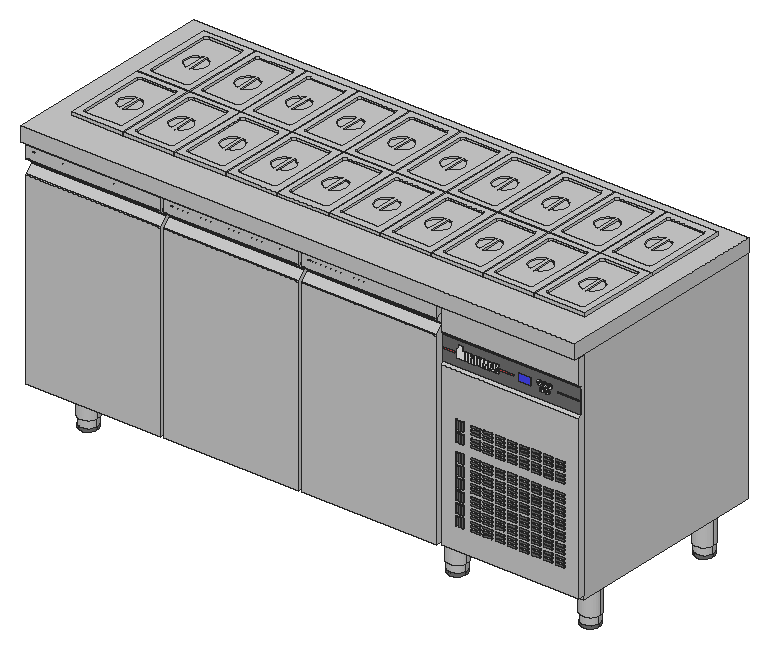
Revit family "QF_INOMAK_ZNFP999_250529012511", category Specialty Equipment, Revit 2021 (continued)
Definition of nested family "QF_INOMAK_REF_WORKTOPS_WOVF_1810_7123"
  Automatic sketch dimensions
    Extrusion 37 sketch curve to Extrusion 37 sketch curve = 20 mm  (x2)
    Extrusion 37 sketch curve to Extrusion 37 sketch curve = 10 mm  (x3)
    Extrusion 37 sketch curve to Extrusion 37 sketch curve = 208 mm
    Extrusion 37 sketch curve to Extrusion 37 sketch curve = 0 mm
    Extrusion 37 sketch curve to Extrusion 37 sketch curve = 30 mm  (x2)
    plane 3 "Left" to Extrusion 37 sketch curve = 896 mm
    Extrusion 37 sketch curve to Extrusion 37 sketch curve = 106 mm
    Extrusion 38 sketch curve to Extrusion 38 sketch curve = 0 mm  (x3)
    plane 1 "Back" to Extrusion 38 sketch curve = 288 mm
    Extrusion 38 sketch curve to Extrusion 38 sketch curve = 10 mm  (x4)
    Extrusion 38 sketch curve to Extrusion 38 sketch curve = 68.359 mm
    Extrusion 38 sketch curve to Extrusion 38 sketch curve = 34.641 mm
    plane 1 "Back" to Extrusion 38 sketch curve = 70 mm  (x2)
    plane 4 "Right" to Extrusion 38 sketch curve = 750 mm
    Extrusion 38 sketch curve to Extrusion 38 sketch curve = 48 mm  (x2)
    Extrusion 38 sketch curve to Extrusion 38 sketch curve = 5 mm
    plane 1 "Back" to Extrusion 39 sketch curve = 308 mm
    Extrusion 39 sketch curve to Extrusion 39 sketch curve = 20 mm  (x3)
    Extrusion 39 sketch curve to Extrusion 39 sketch curve = 10 mm  (x3)
    plane 1 "Back" to Extrusion 39 sketch curve = 70 mm  (x2)
    plane 4 "Right" to Extrusion 39 sketch curve = 730 mm
    Extrusion 39 sketch curve to Extrusion 39 sketch curve = 106 mm
    Extrusion 39 sketch curve to Extrusion 39 sketch curve = 30 mm
    Extrusion 40 sketch curve to Extrusion 40 sketch curve = 0 mm  (x5)
    Extrusion 40 sketch curve to Extrusion 40 sketch curve = 10 mm  (x4)
    Extrusion 40 sketch curve to Extrusion 40 sketch curve = 68.359 mm
    Extrusion 40 sketch curve to Extrusion 40 sketch curve = 34.641 mm
    Extrusion 40 sketch curve to Extrusion 40 sketch curve = 70.359 mm  (x2)
    plane 4 "Right" to Extrusion 40 sketch curve = 750 mm
    Extrusion 40 sketch curve to Extrusion 40 sketch curve = 5 mm
    Extrusion 40 sketch curve to Extrusion 40 sketch curve = 48 mm  (x2)
    Extrusion 41 sketch curve to Extrusion 41 sketch curve = 20 mm  (x2)
    Extrusion 41 sketch curve to Extrusion 41 sketch curve = 10 mm  (x3)
    Extrusion 41 sketch curve to Extrusion 41 sketch curve = 208 mm
    Extrusion 41 sketch curve to Extrusion 41 sketch curve = 0 mm
    Extrusion 41 sketch curve to Extrusion 41 sketch curve = 30 mm  (x2)
    plane 4 "Right" to Extrusion 41 sketch curve = 730 mm
    Extrusion 41 sketch curve to Extrusion 41 sketch curve = 106 mm
    Masking region 1 sketch curve to plane 3 "Left" = 0 mm
    Masking region 1 sketch curve to plane 5 "Front" = 0 mm
    plane 1 "Back" to Masking region 1 sketch curve = 0 mm
    Masking region 1 sketch curve to plane 4 "Right" = 0 mm
    curve 3 to curve 4 = 268 mm
    Extrusion 1 sketch curve to plane 1 "Back" = 0 mm
    plane 4 "Right" to curve 1 = 75 mm
    plane 1 "Back" to curve 2 = 40 mm
    plane 4 "Right" to curve 4 = 75 mm
    curve 31 to curve 34 = 0 mm  (x2)
    curve 43 to curve 46 = 0 mm  (x2)
    curve 55 to curve 58 = 0 mm  (x2)
    curve 67 to curve 70 = 0 mm  (x2)
    curve 79 to curve 82 = 0 mm  (x2)
    curve 91 to curve 94 = 0 mm  (x2)
    curve 103 to curve 106 = 0 mm  (x2)
    curve 115 to curve 118 = 0 mm  (x2)
    curve 127 to curve 130 = 0 mm  (x2)
    curve 139 to curve 142 = 0 mm  (x2)
    curve 151 to curve 154 = 0 mm  (x3)
    curve 163 to curve 166 = 0 mm  (x3)
    curve 175 to curve 178 = 0 mm  (x2)
    curve 187 to curve 190 = 0 mm  (x3)
    curve 199 to curve 202 = 0 mm  (x3)
    curve 211 to curve 214 = 0 mm  (x3)
    curve 223 to curve 226 = 0 mm  (x3)
    curve 235 to curve 238 = 0 mm  (x3)
    curve 247 to curve 250 = 0 mm  (x3)
    curve 259 to curve 262 = 0 mm  (x3)
    curve 7 to plane 3 "Left" = 0 mm
    curve 7 to plane 5 "Front" = 0 mm
    plane 1 "Back" to curve 6 = 0 mm
    curve 5 to plane 4 "Right" = 0 mm
    curve 21 to curve 231 = 20 mm
    curve 9 to curve 147 = 20 mm
    curve 19 to curve 207 = 20 mm
    curve 17 to curve 183 = 20 mm
    curve 22 to curve 243 = 20 mm
    curve 22 to curve 255 = 20 mm
    curve 15 to curve 171 = 20 mm
    curve 15 to curve 159 = 20 mm
    curve 18 to curve 195 = 20 mm
    curve 20 to curve 219 = 20 mm
    curve 255 to curve 253 = 10 mm
    curve 220 to curve 221 = 10 mm
    curve 196 to curve 196 = 10 mm
    curve 218 to curve 218 = 10 mm
    curve 194 to curve 194 = 10 mm
    curve 184 to curve 185 = 10 mm
    curve 160 to curve 161 = 10 mm
    curve 170 to curve 169 = 10 mm
    curve 158 to curve 158 = 10 mm
    curve 230 to curve 229 = 10 mm
    curve 256 to curve 256 = 10 mm
    curve 244 to curve 245 = 10 mm
    curve 172 to curve 172 = 10 mm
    curve 243 to curve 242 = 10 mm
    curve 183 to curve 182 = 10 mm
    curve 207 to curve 205 = 10 mm
    curve 148 to curve 149 = 10 mm
    curve 208 to curve 209 = 10 mm
    curve 146 to curve 146 = 10 mm
    curve 232 to curve 232 = 10 mm
    curve 254 to curve 261 = 68.359 mm
    curve 260 to curve 261 = 0 mm
    curve 172 to curve 176 = 68.359 mm
    curve 175 to curve 177 = 0 mm
    curve 208 to curve 212 = 68.359 mm
    curve 211 to curve 213 = 0 mm
    curve 232 to curve 236 = 68.359 mm
    curve 235 to curve 237 = 0 mm
    curve 194 to curve 201 = 68.359 mm
    curve 200 to curve 201 = 0 mm
    curve 148 to curve 152 = 68.359 mm
    curve 151 to curve 153 = 0 mm
    curve 158 to curve 165 = 68.359 mm
    curve 164 to curve 166 = 0 mm
    curve 242 to curve 249 = 68.359 mm
    curve 248 to curve 249 = 0 mm
    curve 182 to curve 189 = 68.359 mm
    curve 218 to curve 225 = 68.359 mm
    curve 224 to curve 225 = 0 mm
    curve 188 to curve 189 = 0 mm
    curve 200 to curve 199 = 34.641 mm
    curve 223 to curve 223 = 34.641 mm
    curve 235 to curve 235 = 34.641 mm
    curve 214 to curve 211 = 34.641 mm
    curve 176 to curve 175 = 34.641 mm
    curve 188 to curve 190 = 34.641 mm
    curve 151 to curve 151 = 34.641 mm
    curve 259 to curve 262 = 34.641 mm
    curve 250 to curve 250 = 34.641 mm
    curve 166 to curve 163 = 34.641 mm
    curve 211 to curve 209 = 70.359 mm
    curve 175 to curve 174 = 70.359 mm
    curve 190 to curve 180 = 70.359 mm
    curve 259 to curve 258 = 70.359 mm
    curve 178 to curve 169 = 70.359 mm
    curve 235 to curve 233 = 70.359 mm
    curve 213 to curve 205 = 70.359 mm
    curve 237 to curve 229 = 70.359 mm
    curve 168 to curve 185 = 0 mm
    curve 261 to curve 253 = 70.359 mm
    curve 205 to curve 222 = 0 mm
    curve 216 to curve 234 = 0 mm
    curve 153 to curve 144 = 70.359 mm
    curve 181 to curve 198 = 0 mm
    curve 144 to curve 162 = 0 mm
    curve 229 to curve 246 = 0 mm
    curve 157 to curve 174 = 0 mm
    curve 151 to curve 149 = 70.359 mm
    curve 240 to curve 258 = 0 mm
    curve 193 to curve 210 = 0 mm
    curve 192 to curve 191 = 10 mm
    curve 162 to curve 155 = 10 mm
    curve 240 to curve 239 = 10 mm
    curve 144 to curve 143 = 10 mm
    curve 216 to curve 215 = 10 mm
    curve 234 to curve 227 = 10 mm
    curve 258 to curve 251 = 10 mm
    curve 174 to curve 167 = 10 mm
    curve 210 to curve 203 = 10 mm
    curve 186 to curve 179 = 10 mm
    curve 252 to curve 135 = 40 mm
    curve 216 to curve 99 = 40 mm
    curve 180 to curve 63 = 40 mm
    curve 144 to curve 27 = 40 mm
    curve 210 to curve 87 = 40 mm
    curve 228 to curve 111 = 40 mm
    curve 239 to curve 123 = 40 mm
    curve 156 to curve 39 = 40 mm
    curve 174 to curve 51 = 40 mm
    curve 198 to curve 75 = 40 mm
    curve 74 to curve 74 = 10 mm
    curve 122 to curve 121 = 10 mm
    curve 76 to curve 76 = 10 mm
    curve 39 to curve 41 = 10 mm
    curve 50 to curve 49 = 10 mm
    curve 112 to curve 113 = 10 mm
    curve 51 to curve 52 = 10 mm
    curve 38 to curve 38 = 10 mm
    curve 123 to curve 124 = 10 mm
    curve 110 to curve 110 = 10 mm
    curve 87 to curve 85 = 10 mm
    curve 64 to curve 65 = 10 mm
    curve 27 to curve 29 = 10 mm
    curve 87 to curve 88 = 10 mm
    curve 100 to curve 101 = 10 mm
    curve 63 to curve 61 = 10 mm
    curve 134 to curve 133 = 10 mm
    curve 26 to curve 26 = 10 mm
    curve 136 to curve 137 = 10 mm
    curve 98 to curve 98 = 10 mm
    curve 28 to curve 32 = 68.359 mm
    curve 31 to curve 33 = 0 mm
    curve 134 to curve 141 = 68.359 mm
    curve 140 to curve 141 = 0 mm
    curve 40 to curve 44 = 68.359 mm
    curve 44 to curve 45 = 0 mm
    curve 52 to curve 56 = 68.359 mm
    curve 55 to curve 57 = 0 mm
    curve 64 to curve 68 = 68.359 mm
    curve 67 to curve 69 = 0 mm
    curve 76 to curve 80 = 68.359 mm
    curve 79 to curve 81 = 0 mm
    curve 122 to curve 129 = 68.359 mm
    curve 128 to curve 129 = 0 mm
    curve 88 to curve 92 = 68.359 mm
    curve 91 to curve 93 = 0 mm
    curve 100 to curve 104 = 68.359 mm
    curve 103 to curve 105 = 0 mm
    curve 112 to curve 116 = 68.359 mm
    curve 116 to curve 117 = 0 mm
    curve 46 to curve 46 = 34.641 mm
    curve 127 to curve 130 = 34.641 mm
    curve 116 to curve 118 = 34.641 mm
    curve 34 to curve 34 = 34.641 mm
    curve 91 to curve 91 = 34.641 mm
    curve 58 to curve 55 = 34.641 mm
    curve 142 to curve 142 = 34.641 mm
    curve 79 to curve 79 = 34.641 mm
    curve 67 to curve 70 = 34.641 mm
    curve 106 to curve 103 = 34.641 mm
    plane 1 "Back" to curve 84 = 70 mm
    plane 1 "Back" to curve 89 = 70 mm
    plane 1 "Back" to curve 96 = 70 mm
    plane 1 "Back" to curve 78 = 70 mm
    curve 73 to curve 90 = 0 mm
    plane 1 "Back" to curve 37 = 70 mm
    plane 1 "Back" to curve 41 = 70 mm
    curve 85 to curve 101 = 0 mm
    plane 1 "Back" to curve 132 = 70 mm
    plane 1 "Back" to curve 126 = 70 mm
    plane 1 "Back" to curve 121 = 70 mm
    curve 108 to curve 126 = 0 mm
    plane 1 "Back" to curve 66 = 70 mm
    curve 61 to curve 78 = 0 mm
    curve 96 to curve 113 = 0 mm
    curve 121 to curve 137 = 0 mm
    plane 1 "Back" to curve 30 = 70 mm
    curve 25 to curve 42 = 0 mm
    curve 37 to curve 54 = 0 mm
    curve 49 to curve 66 = 0 mm
    curve 54 to curve 47 = 10 mm
    curve 66 to curve 59 = 10 mm
    curve 132 to curve 131 = 10 mm
    curve 78 to curve 71 = 10 mm
    curve 90 to curve 83 = 10 mm
    curve 36 to curve 35 = 10 mm
    curve 102 to curve 95 = 10 mm
    curve 114 to curve 107 = 10 mm
    curve 120 to curve 119 = 10 mm
    curve 24 to curve 23 = 10 mm
    curve 30 to curve 12 = 20 mm
    plane 4 "Right" to curve 10 = 66 mm
    curve 13 to curve 253 = 20 mm
    curve 13 to curve 133 = 20 mm
    curve 132 to curve 141 = 48 mm
    curve 252 to curve 261 = 48 mm
    curve 141 to curve 142 = 5 mm
    curve 141 to curve 140 = 10 mm
    curve 261 to curve 260 = 10 mm
    curve 259 to curve 251 = 48 mm
    curve 139 to curve 138 = 48 mm
    curve 138 to curve 121 = 40 mm
    curve 122 to curve 129 = 48 mm
    curve 240 to curve 249 = 48 mm
    curve 129 to curve 130 = 5 mm
    curve 249 to curve 248 = 10 mm
    curve 129 to curve 128 = 10 mm
    curve 127 to curve 119 = 48 mm
    curve 126 to curve 109 = 40 mm
    curve 246 to curve 229 = 40 mm
    curve 108 to curve 117 = 48 mm
    curve 228 to curve 237 = 48 mm
    curve 118 to curve 118 = 5 mm
    curve 237 to curve 236 = 10 mm
    curve 118 to curve 116 = 10 mm
    curve 115 to curve 114 = 48 mm
    curve 114 to curve 97 = 40 mm
    curve 234 to curve 217 = 40 mm
    curve 96 to curve 105 = 48 mm
    curve 216 to curve 225 = 48 mm
    curve 106 to curve 103 = 5 mm
    curve 105 to curve 104 = 10 mm
    curve 104 to curve 100 = 48 mm
    curve 222 to curve 100 = 0 mm
    curve 102 to curve 85 = 40 mm
    curve 222 to curve 205 = 40 mm
    curve 86 to curve 93 = 48 mm
    curve 93 to curve 91 = 5 mm
    curve 93 to curve 92 = 10 mm
    curve 91 to curve 90 = 48 mm
    curve 90 to curve 73 = 40 mm
    curve 74 to curve 81 = 48 mm
    curve 81 to curve 79 = 5 mm
    curve 202 to curve 199 = 5 mm
    curve 202 to curve 200 = 10 mm
    curve 81 to curve 80 = 10 mm
    curve 79 to curve 76 = 48 mm
    curve 78 to curve 61 = 40 mm
    curve 62 to curve 69 = 48 mm
    curve 189 to curve 190 = 5 mm
    curve 69 to curve 70 = 5 mm
    curve 69 to curve 68 = 10 mm
    curve 68 to curve 63 = 48 mm
    curve 186 to curve 63 = 0 mm
    curve 186 to curve 169 = 40 mm
    curve 64 to curve 49 = 40 mm
    curve 50 to curve 57 = 48 mm
    curve 168 to curve 177 = 48 mm
    curve 177 to curve 178 = 5 mm
    curve 57 to curve 58 = 5 mm
    curve 57 to curve 56 = 10 mm
    curve 55 to curve 47 = 48 mm
    curve 174 to curve 52 = 0 mm
    curve 54 to curve 37 = 40 mm
    curve 174 to curve 157 = 40 mm
    curve 156 to curve 165 = 48 mm
    curve 38 to curve 45 = 48 mm
    curve 45 to curve 43 = 5 mm
    curve 45 to curve 44 = 10 mm
    curve 43 to curve 42 = 48 mm
    curve 162 to curve 39 = 0 mm
    curve 40 to curve 25 = 40 mm
    curve 162 to curve 145 = 40 mm
    curve 26 to curve 33 = 48 mm
    curve 154 to curve 154 = 5 mm
    curve 34 to curve 31 = 5 mm
    curve 33 to curve 32 = 10 mm
    curve 151 to curve 143 = 48 mm
    curve 28 to curve 150 = 0 mm
    curve 30 to curve 12 = 30 mm
    curve 13 to curve 28 = 30 mm
    curve 19 to curve 83 = 30 mm
    curve 90 to curve 18 = 30 mm
    curve 66 to curve 16 = 30 mm
    curve 42 to curve 14 = 30 mm
    curve 19 to plane 8 = 0 mm
    curve 225 to curve 226 = 5 mm
    plane 3 "Left" to curve 1 = 66 mm
    plane 4 "Right" to curve 3 = 75 mm
    curve 262 to curve 259 = 5 mm
    curve 256 to curve 241 = 40 mm
    curve 250 to curve 247 = 5 mm
    curve 247 to curve 244 = 48 mm
    curve 235 to curve 235 = 5 mm
    curve 235 to curve 232 = 48 mm
    curve 225 to curve 224 = 10 mm
    curve 206 to curve 213 = 48 mm
    curve 214 to curve 211 = 5 mm
    curve 213 to curve 212 = 10 mm
    curve 208 to curve 18 = 30 mm
    curve 18 to curve 193 = 20 mm
    curve 194 to curve 201 = 48 mm
    curve 199 to curve 196 = 48 mm
    curve 196 to curve 181 = 40 mm
    curve 182 to curve 189 = 48 mm
    curve 189 to curve 188 = 10 mm
    curve 177 to curve 176 = 10 mm
    curve 166 to curve 166 = 5 mm
    curve 166 to curve 164 = 10 mm
    curve 146 to curve 153 = 48 mm
    curve 153 to curve 152 = 10 mm
    curve 22 to curve 241 = 20 mm
    curve 21 to curve 229 = 20 mm
    curve 20 to curve 217 = 20 mm
    curve 196 to curve 17 = 20 mm
    curve 172 to curve 15 = 20 mm
    curve 3 to plane 8 = 0 mm
    Extrusion 21 sketch curve to plane 8 = 0 mm
    Extrusion 21 sketch curve to Extrusion 21 sketch curve = 30 mm
    plane 8 to Extrusion 20 sketch curve = 20 mm
    Extrusion 19 sketch curve to plane 8 = 0 mm
    Extrusion 19 sketch curve to Extrusion 19 sketch curve = 30 mm
    plane 8 to Extrusion 18 sketch curve = 20 mm
    Extrusion 17 sketch curve to plane 8 = 0 mm
    plane 8 to Extrusion 16 sketch curve = 20 mm
    Extrusion 29 sketch curve to plane 8 = 0 mm
    plane 8 to Extrusion 28 sketch curve = 20 mm
    Extrusion 41 sketch curve to plane 8 = 0 mm
    plane 8 to Extrusion 40 sketch curve = 20 mm
    Extrusion 37 sketch curve to plane 8 = 0 mm
    plane 8 to Extrusion 36 sketch curve = 20 mm
    Extrusion 35 sketch curve to plane 8 = 0 mm
    plane 8 to Extrusion 34 sketch curve = 20 mm
    Extrusion 34 sketch curve to Extrusion 34 sketch curve = 5 mm
    Extrusion 27 sketch curve to plane 8 = 0 mm
    Extrusion 27 sketch curve to Extrusion 27 sketch curve = 30 mm
    plane 8 to Extrusion 26 sketch curve = 20 mm
    Extrusion 15 sketch curve to plane 8 = 0 mm
    plane 8 to Extrusion 14 sketch curve = 20 mm
    Extrusion 13 sketch curve to plane 8 = 0 mm
    plane 8 to Extrusion 12 sketch curve = 20 mm
    Extrusion 12 sketch curve to Extrusion 12 sketch curve = 5 mm
Definition of nested family "QF_INOMAK_REF_COUNTERS_LEGS_9747"
  Parameters (values of type "LG-1790-700")
    Weight [instance] = 0.00 kg
    Warranty Start Date [instance] = ""
    Warranty Duration [instance] = ""
    URL Cutsheet [instance] = ""
    URL = "www.inomak.com"
    Technical Documentation [instance] = ""
    Tag Number [instance] = ""
    Status [instance] = ""
    Specification by User [instance] = ""
    Specification by Manufacturer [instance] = ""
    Sound Level [instance] = ""
    Solid Fuel Type [instance] = ""
    Show Logo [instance] = yes
    Show Clearances [instance] = yes
    Service Life Duration [instance] = ""
    Serial Number [instance] = ""
    Seismic Rating [instance] = ""
    SMACNA No [instance] = ""
    Revision Code [instance] = ""
    Revision [instance] = ""
    Production Year [instance] = ""
    Point Load [instance] = 0
    Other Equipment Approvals [instance] = ""
    NAFEM Spec ID Number [instance] = ""
    Model Warning [instance] = ""
    Model = "LG"
    Masterspec [instance] = ""
    Manufacturer = "INOMAK"
    Length Actual [instance] = 1792 mm
    Legs inset right [instance] = 70 mm
    Legs inset rear [instance] = 90 mm
    Legs inset left [instance] = 100 mm
    Legs inset front [instance] = 150 mm
    Item Number [instance] = ""
    Installed By [instance] = ""
    Installation Date [instance] = ""
    Identify Quantity as Lot [instance] = yes
    ID [instance] = ""
    Hygiene Approval [instance] = ""
    Height Actual [instance] = 144 mm
    Furnished By [instance] = ""
    Foodservice Equipment Identifier [instance] = yes
    ETL Approved [instance] = yes
    Description = "STANDARD LEGS"
    Depth Actual [instance] = 700 mm
    Default Elevation = 0 mm
    CentralLegs [instance] = if(Length Actual > 2000 mm, 2 > 1, 2 < 1)  # no
    CSI MasterFormat [instance] = ""
    CE Approved [instance] = yes
    Barcode [instance] = ""
    Author [instance] = ""
    Asset Identifier [instance] = ""
    Assembly Code = "E1090320"
    Accessory [instance] = yes
  Types (8, lengths in mm): name | Length Actual | Height Actual | Depth Actual | CentralLegs
    LG-2240-700 | 2242 | 144 | 700 | yes
    LG-1790-700 | 1792 | 144 | 700 | no
    LG-1345-700 | 1342 | 144 | 700 | no
    LG-1345-600 | 1342 | 144 | 600 | no
    LG-1790-600 | 1792 | 144 | 600 | no
    LG-2240-600 | 2242 | 144 | 600 | yes
    LG-1790-700-BC | 1792 | 115 | 700 | no
    LG-2240-700-BC | 2242 | 115 | 700 | yes
  Reference planes
    plane 1 "Back": y = 0
    plane 2: z = 0
    plane 3 "Left": x = 0
    plane 4 "Right": x = 1792
    plane 5 "Front": y = -700
    plane 6 "Top": z = 144
    plane 7 "Left offset": x = 100
    plane 8 "Right offset": x = 1722
    plane 9 "Rear offset": y = -90
    plane 10 "Front offset": y = -550
    plane 11 "Central": x = 696
    plane 12: x = 1292
  Dimensions and locks
    "Length Actual": plane 3 "Left" to plane 4 "Right"
    "Depth Actual": plane 5 "Front" to plane 1 "Back"
    "Legs inset left": plane 3 "Left" to plane 7 "Left offset"
    "Legs inset right": plane 8 "Right offset" to plane 4 "Right"
    "Legs inset rear": plane 9 "Rear offset" to plane 1 "Back"
    "Legs inset front": plane 10 "Front offset" to plane 5 "Front"
    "Height Actual": plane 6 "Top" to plane 2
    equal spacing: plane 12, plane 11 "Central", plane 7 "Left offset"
    locked: plane 12 to plane 8 "Right offset" at 430
    aligned and locked: level to plane 2
    aligned and locked: nested 6 to plane 11 "Central"
    aligned and locked: nested 6 to plane 10 "Front offset"
    aligned and locked: nested 7 to plane 7 "Left offset"
    aligned and locked: nested 7 to plane 10 "Front offset"
    aligned and locked: nested 5 to plane 12
    aligned and locked: nested 5 to plane 10 "Front offset"
    aligned and locked: nested 4 to plane 8 "Right offset"
    aligned and locked: nested 4 to plane 10 "Front offset"
    aligned and locked: nested 1 to plane 7 "Left offset"
    aligned and locked: nested 1 to plane 9 "Rear offset"
    aligned and locked: nested 2 to plane 12
    aligned and locked: nested 2 to plane 9 "Rear offset"
    aligned and locked: nested 3 to plane 8 "Right offset"
    aligned and locked: nested 3 to plane 9 "Rear offset"
  Nested families
    nested 1: "QF_INOMAK_LEG" at (100, -90, 0), type "QF_INOMAK_LEG"
      with Height 144 mm
    nested 2: "QF_INOMAK_LEG" at (1292, -90, 0), type "QF_INOMAK_LEG"
      with Height 144 mm
    nested 3: "QF_INOMAK_LEG" at (1722, -90, 0), type "QF_INOMAK_LEG"
      with Height 144 mm
    nested 4: "QF_INOMAK_LEG" at (1722, -550, 0), type "QF_INOMAK_LEG"
      with Height 144 mm
    nested 5: "QF_INOMAK_LEG" at (1292, -550, 0), type "QF_INOMAK_LEG"
      with Height 144 mm
    nested 6: "QF_INOMAK_LEG" at (696, -550, 0), visible <- "CentralLegs", type "QF_INOMAK_LEG"
      with Height 144 mm
    nested 7: "QF_INOMAK_LEG" at (100, -550, 0), type "QF_INOMAK_LEG"
      with Height 144 mm
  Definition of nested family "QF_INOMAK_LEG"
    Parameters (values of type "QF_INOMAK_LEG")
      Height = 115 mm
      Default Elevation = 0 mm
    Reference planes
      plane 1 "Center (Front/Back)": y = 0
      plane 2: z = 0
      plane 3 "Center (Left/Right)": x = 0
      plane 4 "Top": z = 115
    Forms (mm)
      Extrusion 1, solid
        sketch origin (0, 0, 115) x (0, 1, 0) y (-1, 0, 0)
          loop
            line (50, 45) -> (-50, 45) -> (-50, -45) -> (50, -45) -> (50, 45)
        from 0 to -3
      Extrusion 2, solid
        sketch origin (-199.986, 580, 0) x (1, 0, 0) y (0, 1, 0)
          loop
            circle (199.986, -580) r 28
        from 9 to 35
      Extrusion 3, solid
        sketch origin (-199.986, 580, 0) x (1, 0, 0) y (0, 1, 0)
          loop
            circle (199.986, -580) r 28.5
        from 0 to 9
      Sweep 4, solid
        path origin (0, 0, 0) x (0, 1, 0) y (0, 0, 1)
          loop
            line (0, 112) -> (0, 35)
        profile origin (0, 0, 73.5) x (1, 0, 0) y (0, 1, 0)
          loop
            circle (0, 0) r 32
    Dimensions and locks
      "Height": plane 4 "Top" to plane 2
      aligned and locked: level to plane 2
    Automatic sketch dimensions
      plane 1 "Center (Front/Back)" to Extrusion 1 sketch curve = 50 mm
      Extrusion 1 sketch curve to plane 1 "Center (Front/Back)" = 50 mm
      plane 3 "Center (Left/Right)" to Extrusion 1 sketch curve = 45 mm
      Extrusion 1 sketch curve to plane 3 "Center (Left/Right)" = 45 mm
      plane 1 "Center (Front/Back)" to Extrusion 2 sketch curve = 0 mm
      Extrusion 2 sketch curve to plane 3 "Center (Left/Right)" = 0 mm
      plane 1 "Center (Front/Back)" to Extrusion 3 sketch curve = 0 mm
      Extrusion 3 sketch curve to plane 3 "Center (Left/Right)" = 0 mm
      Sweep 4 sketch curve to plane 1 "Center (Front/Back)" = 0 mm
      level to Sweep 4 sketch curve = 35 mm
      Sweep 4 sketch curve to plane 4 "Top" = 3 mm
      Sweep 4 sketch curve to plane 3 "Center (Left/Right)" = 0 mm
      profile plane to Sweep 4 sketch curve = 0 mm
      radius of Extrusion 2 sketch curve = 28 mm
      radius of Extrusion 3 sketch curve = 28.5 mm
      radius of Sweep 4 sketch curve = 32 mm
Definition of nested family "CONN_POINT_ELE_2D___Generic_Annotation"
  Parameters (values of type "CONN_POINT_ELE_2D___Generic_Annotation")
    Onboard connection annotation symbol visibility [instance] = yes
  Reference planes
    plane 1: y = 0
    plane 2: x = 0
  Lines and regions (mm)
    detail lines, visible <- "Onboard connection annotation symbol visibility"
      curve 1: circle (0, 0, 0) r 0.5 normal (0, 0, 1)
      curve 2: line (-1, 0, 0) -> (1, 0, 0)
      curve 3: line (0, 1, 0) -> (0, -1, 0)
      curve 4: line (2.5, 1, 0) -> (1.25, 1, 0)
      curve 5: line (1.25, 1, 0) -> (1.25, -1, 0)
      curve 6: line (1.25, -1, 0) -> (2.5, -1, 0)
      curve 7: line (1.25, 0, 0) -> (2, 0, 0)
